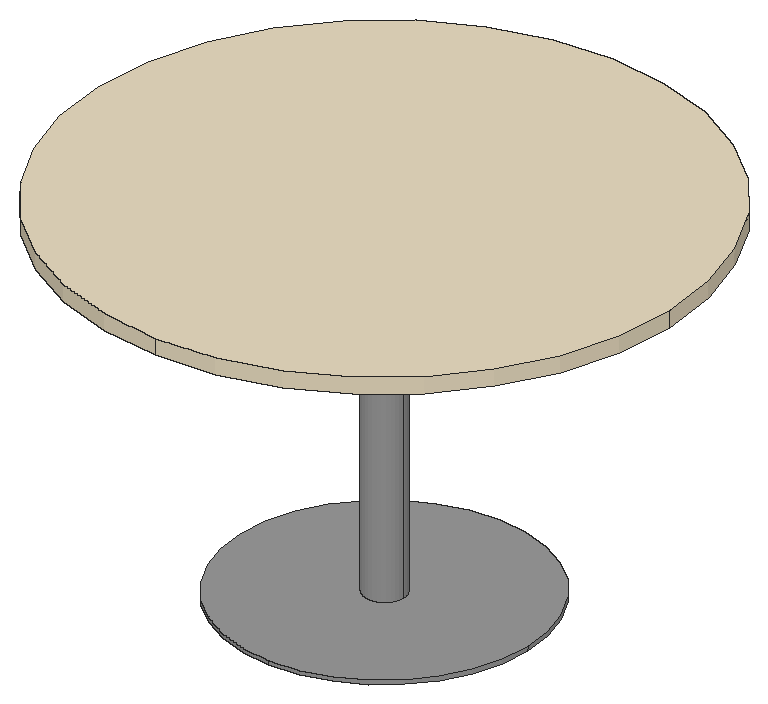
Revit family "FU_Table_Sandler_592-XT", category Furniture, Revit 2020
Family settings
  OmniClass Number = 23.40.20.00
  OmniClass Title = General Furniture and Specialties
  Work Plane-Based = No
  Always vertical = Yes
  Cut with Voids When Loaded = No
  Shared = No
  Room Calculation Point = No
Parameters (values of type "592 XT - 48" Round Top (120cm)")
  Width = 605 mm
  URL = "https://www.sandlerseating.com/product/art-592-xt/"
  Top Size = FU_TableTops_MT Rnd : 47" Round (120cm)
  Top Elevation = Height  # 720 mm
  Top Finish [instance] = Wood - Beech - Grey Stained
  Model = "592 XT"
  Manufacturer = "Sandler"
  Height = 720 mm
  Frame Finish [instance] = Metal - Steel - Polished
  Description = "Table base in stainless steel."
  Depth = Width  # 605 mm
  Default Elevation = 0 mm
Types (6, lengths in mm): name | Top Size | Frame Finish
  (no name) | FU_TableTops_MT Rnd : 47" Round (120cm) | Metal - Steel - Polished
  592 XT - 40" Square Top (100cm) | FU_TableTops_MT Sqr : 40" Square (100cm) | Metal - Steel - Polished
  592 XT - 44" Square Top (110cm) | FU_TableTops_MT Sqr : 44" Square (110cm) | Metal - Steel - Polished
  592 XT - 44" Round Top (110cm) | FU_TableTops_MT Rnd : 44" Round (110cm) | Metal - Steel - Matt-Satin
  592 XT - 51" Round Top (130cm) | FU_TableTops_MT Rnd : 51" Round (130cm) | Metal - Steel - Polished
  592 XT - 48" Round Top (120cm) | FU_TableTops_MT Rnd : 47" Round (120cm) | Metal - Steel - Polished
Reference planes
  plane 1 "Center (Front/Back)": y = 0
  plane 2: z = 0
  plane 3 "Center (Left/Right)": x = 0
  plane 4 "Right": x = -302.5
  plane 5 "Left": x = 302.5
  plane 6 "Back": y = 302.5
  plane 7 "Front": y = -302.5
  plane 8 "Height": z = 720
  plane 9 "Top Support": z = 700
  plane 10 "Glide Height": z = 6
  plane 11 "Base height": z = 14
  plane 12 "R Pad C": x = -286.5
  plane 13 "B Pad C": y = 286.5
  plane 14 "L Pad C": x = 286.5
  plane 15 "F Pad C": y = -286.5
Forms (mm)
  Extrusion 1, solid, material "Metal - Steel - Polished" <- "Frame Finish"
    sketch origin (0, 0, 6) x (-1, 0, 0) y (0, -1, 0)
      loop
        arc (302.5, 0) -> (213.9, 213.9) -> (0, 302.5) r 302.5
        arc (0, 302.5) -> (-213.9, 213.9) -> (-302.5, 0) r 302.5
        arc (-302.5, 0) -> (-213.9, -213.9) -> (0, -302.5) r 302.5
        arc (0, -302.5) -> (213.9, -213.9) -> (302.5, 0) r 302.5
    from 0 to 8
  Revolve 2, solid, material "Rubber, Black"
    sketch origin (0, 0, 0) x (1, 0, 0) y (0, 0, 1)
      loop
        line (-286.5, 0) -> (-286.5, 6) -> (-294.5, 6) -> (-294.5, 2)
        arc (-294.5, 2) -> (-293.914, 0.586) -> (-292.5, 0) r 2
        line (-292.5, 0) -> (-286.5, 0)
      axis (-286.5, 6) -> (-286.5, 0)
    angle from 0 to 360
  Revolve 3, solid, material "Rubber, Black"
    sketch origin (0, 0, 0) x (-1, 0, 0) y (0, 0, 1)
      loop
        line (-286.5, 0) -> (-286.5, 6) -> (-294.5, 6) -> (-294.5, 2)
        arc (-294.5, 2) -> (-293.914, 0.586) -> (-292.5, 0) r 2
        line (-292.5, 0) -> (-286.5, 0)
      axis (-286.5, 6) -> (-286.5, 0)
    angle from 0 to 360
  Revolve 4, solid, material "Rubber, Black"
    sketch origin (0, 0, 0) x (0, 1, 0) y (0, 0, 1)
      loop
        line (-286.5, 6) -> (-294.5, 6) -> (-294.5, 2)
        arc (-294.5, 2) -> (-293.914, 0.586) -> (-292.5, 0) r 2
        line (-292.5, 0) -> (-286.5, 0) -> (-286.5, 6)
      axis (-286.5, 6) -> (-286.5, 0)
    angle from 0 to 360
  Revolve 5, solid, material "Rubber, Black"
    sketch origin (0, 0, 0) x (0, -1, 0) y (0, 0, 1)
      loop
        line (-286.5, 6) -> (-294.5, 6) -> (-294.5, 2)
        arc (-294.5, 2) -> (-293.914, 0.586) -> (-292.5, 0) r 2
        line (-292.5, 0) -> (-286.5, 0) -> (-286.5, 6)
      axis (-286.5, 6) -> (-286.5, 0)
    angle from 0 to 360
  Extrusion 6, solid, material "Metal - Steel - Polished" <- "Frame Finish"
    sketch origin (0, 0, 6) x (-1, 0, 0) y (0, -1, 0)
      loop
        circle (0, 0) r 40
    from 0 to 694
Dimensions and locks
  equal spacing: plane 4 "Right", plane 3 "Center (Left/Right)", plane 5 "Left"
  "Width": plane 4 "Right" to plane 5 "Left"
  equal spacing: plane 6 "Back", plane 1 "Center (Front/Back)", plane 7 "Front"
  "Depth": plane 6 "Back" to plane 7 "Front"
  "Height": plane 8 "Height" to level
  locked: plane 8 "Height" to plane 9 "Top Support" at 20
  locked: plane 4 "Right" to plane 12 "R Pad C" at 16
  plane 14 "L Pad C" to plane 5 "Left" = 16 mm
  locked: plane 6 "Back" to plane 13 "B Pad C" at 16
  locked: plane 15 "F Pad C" to plane 7 "Front" at 16
  aligned and locked: level to plane 2
  aligned and locked: Extrusion 1 to plane 11 "Base height"
  aligned and locked: plane 11 "Base height" to Extrusion 1  (x3)
  aligned and locked: plane 8 "Height" to nested 1
  aligned and locked: Extrusion 6 to plane 10 "Glide Height"
  aligned and locked: plane 9 "Top Support" to Extrusion 6
Automatic sketch dimensions
  Extrusion 1 sketch curve to Extrusion 1 sketch curve = 0 mm  (x12)
  plane 1 "Center (Front/Back)" to Extrusion 1 sketch curve = 0 mm
  Extrusion 1 sketch curve to plane 5 "Left" = 0 mm
  Extrusion 1 sketch curve to plane 3 "Center (Left/Right)" = 0 mm  (x3)
  Revolve 2 sketch curve to plane 10 "Glide Height" = 0 mm
  Revolve 2 sketch curve to level = 0 mm
  plane 12 "R Pad C" to Revolve 2 sketch curve = 0 mm  (x2)
  Revolve 2 sketch curve to Revolve 2 sketch curve = 6 mm
  Revolve 2 sketch curve to Revolve 2 sketch curve = 2 mm
  Revolve 2 sketch curve to level = 10.049 mm
  Revolve 2 sketch curve to plane 11 "Base height" = 2.095 mm
  Revolve 3 sketch curve to plane 10 "Glide Height" = 0 mm
  Revolve 3 sketch curve to level = 0 mm
  Revolve 3 sketch curve to plane 14 "L Pad C" = 0 mm  (x2)
  Revolve 3 sketch curve to Revolve 3 sketch curve = 6 mm
  Revolve 3 sketch curve to Revolve 3 sketch curve = 2 mm
  level to Revolve 3 sketch curve = 10.049 mm
  plane 11 "Base height" to Revolve 3 sketch curve = 2.095 mm
  Revolve 4 sketch curve to plane 10 "Glide Height" = 0 mm
  Revolve 4 sketch curve to level = 0 mm
  Revolve 4 sketch curve to plane 15 "F Pad C" = 0 mm  (x2)
  level to Revolve 4 sketch curve = 2 mm
  plane 15 "F Pad C" to Revolve 4 sketch curve = 6 mm
  Revolve 4 sketch curve to level = 5.787 mm
  Revolve 4 sketch curve to plane 11 "Base height" = 1.201 mm
  Revolve 5 sketch curve to plane 10 "Glide Height" = 0 mm
  Revolve 5 sketch curve to level = 0 mm
  Revolve 5 sketch curve to plane 13 "B Pad C" = 0 mm  (x2)
  Revolve 5 sketch curve to level = 2 mm
  Revolve 5 sketch curve to plane 13 "B Pad C" = 6 mm
  Revolve 5 sketch curve to Revolve 5 sketch curve = 5.787 mm
  plane 11 "Base height" to Revolve 5 sketch curve = 1.201 mm
  plane 1 "Center (Front/Back)" to Extrusion 6 sketch curve = 0 mm
  Extrusion 6 sketch curve to plane 3 "Center (Left/Right)" = 0 mm
  radius of Extrusion 6 sketch curve = 40 mm
Nested families
  nested 1: "MT Top Support" at (0, 0, 0), Frame Finish <- "Frame Finish", type "MT Top Support"
    with Frame Finish Metal - Steel - Polished
  nested 2: "FU_TableTops_MT Rnd" at (0, 0, 0), type <- "Top Size", Top Elevation <- "Top Elevation", type "47" Round (120cm)"
    with Top Finish Wood - Beech - Honey Stained, Top Elevation 720 mm
Definition of nested family "MT Top Support"
  Parameters (values of type "MT Top Support")
    Frame Finish [instance] = none
    Default Elevation = 0 mm
  Reference planes
    plane 1 "Center (Front/Back)": y = 0
    plane 2: z = 0
    plane 3 "Center (Left/Right)": x = 0
    plane 4 "Right": x = -210
    plane 5 "Left": x = 210
    plane 6 "Back": y = 210
    plane 7 "Front": y = -210
    plane 8 "Height": z = 720
    plane 9: z = 700
  Forms (mm)
    Extrusion 1, solid, material <- "Frame Finish"
      sketch origin (0, 0, 700) x (-1, 0, 0) y (0, -1, 0)
        loop
          line (48, 44.024) -> (119.736, 115.76)
          arc (119.736, 115.76) -> (116.918, 118.6) -> (114.032, 121.37) r 166.741
          line (114.032, 121.37) -> (40.38, 47.718) -> (-40.38, 47.718) -> (-114.032, 121.37)
          arc (-114.032, 121.37) -> (-116.918, 118.6) -> (-119.736, 115.76) r 166.741
          line (-119.736, 115.76) -> (-48, 44.024) -> (-48, -44.024) -> (-120.014, -116.038)
          arc (-120.014, -116.038) -> (-117.202, -118.884) -> (-114.323, -121.661) r 166.741
          line (-114.323, -121.661) -> (-40.944, -48.282) -> (40.944, -48.282) -> (114.323, -121.661)
          arc (114.323, -121.661) -> (117.202, -118.884) -> (120.014, -116.038) r 166.741
          line (120.014, -116.038) -> (48, -44.024) -> (48, 44.024)
      from 0 to 15
    Extrusion 2, solid, material <- "Frame Finish"
      sketch origin (0, 0, 720) x (-1, 0, 0) y (0, -1, 0)
        loop
          arc (48, 9.198) -> (50.194, 20.46) -> (56.455, 30.074) r 30
          line (56.455, 30.074) -> (155.027, 131.809)
          arc (155.027, 131.809) -> (157.282, 137.439) -> (154.939, 143.033) r 8
          line (154.939, 143.033) -> (142.122, 155.85)
          arc (142.122, 155.85) -> (136.465, 158.193) -> (130.808, 155.85) r 8
          line (130.808, 155.85) -> (32.027, 57.069)
          arc (32.027, 57.069) -> (22.294, 50.566) -> (10.814, 48.282) r 30
          line (10.814, 48.282) -> (-10.814, 48.282)
          arc (-10.814, 48.282) -> (-22.294, 50.566) -> (-32.027, 57.069) r 30
          line (-32.027, 57.069) -> (-130.808, 155.85)
          arc (-130.808, 155.85) -> (-136.465, 158.193) -> (-142.122, 155.85) r 8
          line (-142.122, 155.85) -> (-154.939, 143.033)
          arc (-154.939, 143.033) -> (-157.282, 137.439) -> (-155.027, 131.809) r 8
          line (-155.027, 131.809) -> (-56.455, 30.074)
          arc (-56.455, 30.074) -> (-50.194, 20.46) -> (-48, 9.198) r 30
          line (-48, 9.198) -> (-48, -9.198)
          arc (-48, -9.198) -> (-50.194, -20.46) -> (-56.455, -30.074) r 30
          line (-56.455, -30.074) -> (-155.027, -131.809)
          arc (-155.027, -131.809) -> (-157.282, -137.439) -> (-154.939, -143.033) r 8
          line (-154.939, -143.033) -> (-142.122, -155.85)
          arc (-142.122, -155.85) -> (-136.465, -158.193) -> (-130.808, -155.85) r 8
          line (-130.808, -155.85) -> (-32.027, -57.069)
          arc (-32.027, -57.069) -> (-22.294, -50.566) -> (-10.814, -48.282) r 30
          line (-10.814, -48.282) -> (10.814, -48.282)
          arc (10.814, -48.282) -> (22.294, -50.566) -> (32.027, -57.069) r 30
          line (32.027, -57.069) -> (130.808, -155.85)
          arc (130.808, -155.85) -> (136.465, -158.193) -> (142.122, -155.85) r 8
          line (142.122, -155.85) -> (154.939, -143.033)
          arc (154.939, -143.033) -> (157.282, -137.439) -> (155.027, -131.809) r 8
          line (155.027, -131.809) -> (56.455, -30.074)
          arc (56.455, -30.074) -> (50.194, -20.46) -> (48, -9.198) r 30
          line (48, -9.198) -> (48, 9.198)
        loop
          line (-134.399, -141.055) -> (-124.502, -131.158)
          arc (-124.502, -131.158) -> (-124.502, -125.502) -> (-130.158, -125.502) r 3.999
          line (-130.158, -125.502) -> (-140.055, -135.399)
          arc (-140.055, -135.399) -> (-140, -141.001) -> (-134.399, -141.055) r 4
        loop
          arc (134.399, -141.055) -> (140, -141.001) -> (140.055, -135.399) r 4
          line (140.055, -135.399) -> (130.158, -125.502)
          arc (130.158, -125.502) -> (124.502, -125.502) -> (124.502, -131.158) r 3.999
          line (124.502, -131.158) -> (134.399, -141.055)
        loop
          arc (-134.399, 141.055) -> (-140, 141.001) -> (-140.055, 135.399) r 4
          line (-140.055, 135.399) -> (-130.158, 125.502)
          arc (-130.158, 125.502) -> (-124.502, 125.502) -> (-124.502, 131.158) r 3.999
          line (-124.502, 131.158) -> (-134.399, 141.055)
        loop
          line (134.399, 141.055) -> (124.502, 131.158)
          arc (124.502, 131.158) -> (124.502, 125.502) -> (130.158, 125.502) r 3.999
          line (130.158, 125.502) -> (140.055, 135.399)
          arc (140.055, 135.399) -> (140, 141.001) -> (134.399, 141.055) r 4
        loop
          circle (0, 0) r 7.5
      from -10 to 0
  Dimensions and locks
    equal spacing: plane 4 "Right", plane 3 "Center (Left/Right)", plane 5 "Left"
    plane 4 "Right" to plane 5 "Left" = 420 mm
    equal spacing: plane 6 "Back", plane 1 "Center (Front/Back)", plane 7 "Front"
    plane 6 "Back" to plane 7 "Front" = 420 mm
    plane 8 "Height" to level = 720 mm
    locked: plane 8 "Height" to plane 9 at 20
    aligned and locked: level to plane 2
  Automatic sketch dimensions
    plane 1 "Center (Front/Back)" to Extrusion 2 sketch curve = 0 mm
    Extrusion 2 sketch curve to plane 3 "Center (Left/Right)" = 0 mm
    plane 3 "Center (Left/Right)" to Extrusion 2 sketch curve = 10.814 mm  (x2)
    Extrusion 2 sketch curve to Extrusion 2 sketch curve = 21.213 mm  (x4)
    plane 1 "Center (Front/Back)" to Extrusion 2 sketch curve = 9.198 mm  (x2)
    plane 3 "Center (Left/Right)" to Extrusion 2 sketch curve = 48 mm
    Extrusion 2 sketch curve to plane 1 "Center (Front/Back)" = 30.074 mm  (x2)
    Extrusion 2 sketch curve to Extrusion 2 sketch curve = 8.455 mm  (x4)
    plane 1 "Center (Front/Back)" to Extrusion 2 sketch curve = 30.074 mm  (x2)
    Extrusion 2 sketch curve to plane 1 "Center (Front/Back)" = 9.198 mm  (x2)
    plane 5 "Left" to Extrusion 2 sketch curve = 85.498 mm  (x2)
    Extrusion 2 sketch curve to Extrusion 2 sketch curve = 2.828 mm  (x12)
    Extrusion 2 sketch curve to Extrusion 2 sketch curve = 6.306 mm  (x4)
    Extrusion 2 sketch curve to Extrusion 2 sketch curve = 9.897 mm  (x8)
    Extrusion 2 sketch curve to Extrusion 2 sketch curve = 5.657 mm  (x16)
    Extrusion 2 sketch curve to Extrusion 2 sketch curve = 2.773 mm  (x8)
    Extrusion 2 sketch curve to Extrusion 2 sketch curve = 2.883 mm  (x4)
    Extrusion 2 sketch curve to Extrusion 2 sketch curve = 9.227 mm  (x4)
    Extrusion 2 sketch curve to Extrusion 2 sketch curve = 5.745 mm  (x4)
    Extrusion 2 sketch curve to plane 3 "Center (Left/Right)" = 10.814 mm  (x2)
    Extrusion 2 sketch curve to plane 3 "Center (Left/Right)" = 48 mm
    Extrusion 2 sketch curve to plane 1 "Center (Front/Back)" = 48.282 mm
    Extrusion 2 sketch curve to Extrusion 2 sketch curve = 8.787 mm  (x4)
    Extrusion 2 sketch curve to plane 6 "Back" = 84.498 mm  (x2)
    Extrusion 2 sketch curve to Extrusion 2 sketch curve = 6.307 mm  (x4)
    Extrusion 2 sketch curve to Extrusion 2 sketch curve = 5.567 mm  (x4)
    Extrusion 2 sketch curve to Extrusion 2 sketch curve = 9.138 mm  (x4)
    plane 1 "Center (Front/Back)" to Extrusion 2 sketch curve = 48.282 mm
    plane 7 "Front" to Extrusion 2 sketch curve = 84.498 mm  (x2)
    Extrusion 1 sketch curve to Extrusion 1 sketch curve = 0 mm  (x12)
    Extrusion 1 sketch curve to plane 3 "Center (Left/Right)" = 0 mm
    plane 3 "Center (Left/Right)" to Extrusion 1 sketch curve = 40.38 mm
    plane 3 "Center (Left/Right)" to Extrusion 1 sketch curve = 40.944 mm
    Extrusion 1 sketch curve to Extrusion 1 sketch curve = 7.056 mm  (x2)
    plane 5 "Left" to Extrusion 1 sketch curve = 95.968 mm
    plane 5 "Left" to Extrusion 1 sketch curve = 95.677 mm
    Extrusion 1 sketch curve to Extrusion 1 sketch curve = 5.704 mm  (x2)
    Extrusion 1 sketch curve to Extrusion 1 sketch curve = 5.691 mm  (x2)
    Extrusion 1 sketch curve to plane 3 "Center (Left/Right)" = 40.38 mm
    Extrusion 1 sketch curve to plane 3 "Center (Left/Right)" = 40.944 mm
    Extrusion 1 sketch curve to plane 6 "Back" = 88.339 mm  (x2)
    Extrusion 1 sketch curve to Extrusion 1 sketch curve = 5.623 mm
    Extrusion 1 sketch curve to plane 1 "Center (Front/Back)" = 48.282 mm
    Extrusion 1 sketch curve to Extrusion 1 sketch curve = 4.258 mm  (x2)
    plane 1 "Center (Front/Back)" to Extrusion 1 sketch curve = 44.024 mm  (x2)
    Extrusion 1 sketch curve to Extrusion 1 sketch curve = 3.693 mm
    plane 7 "Front" to Extrusion 1 sketch curve = 94.24 mm  (x2)
    Extrusion 1 sketch curve to plane 4 "Right" = 95.968 mm
    Extrusion 1 sketch curve to plane 4 "Right" = 95.677 mm
    Extrusion 2 sketch curve to plane 4 "Right" = 85.498 mm  (x2)
    radius of Extrusion 2 sketch curve = 7.5 mm
Definition of nested family "FU_TableTops_MT Rnd"
  Parameters (values of type "59" Round (150cm)")
    Width = 1500 mm
    Top Finish [instance] = none
    Top Elevation [instance] = 1100 mm
    Depth = Width  # 1500 mm
    Default Elevation = 0 mm
  Types (10, lengths in mm): name | Width | Depth
    24" Round (60cm) | 600 | 600
    28" Round (70cm) | 700 | 700
    32" Round (80cm) | 800 | 800
    36" Round (90cm) | 900 | 900
    40" Round (100cm) | 1000 | 1000
    44" Round (110cm) | 1100 | 1100
    47" Round (120cm) | 1200 | 1200
    51" Round (130cm) | 1300 | 1300
    55" Round (140cm) | 1400 | 1400
    59" Round (150cm) | 1500 | 1500
  Reference planes
    plane 1 "Center (Front/Back)": y = 0
    plane 2: z = 0
    plane 3 "Center (Left/Right)": x = 0
    plane 4 "Right": x = -750
    plane 5 "Left": x = 750
    plane 6 "Back": y = 750
    plane 7 "Front": y = -750
    plane 8 "Elevation": z = 1100
    plane 9 "Top Height": z = 1131.75
  Forms (mm)
    Extrusion 1, solid, material <- "Top Finish"
      sketch origin (0, 0, 1100) x (-1, 0, 0) y (0, -1, 0)
        loop
          arc (0, -750) -> (530.33, -530.33) -> (750, 0) r 750
          arc (750, 0) -> (530.33, 530.33) -> (0, 750) r 750
          arc (0, 750) -> (-530.33, 530.33) -> (-750, 0) r 750
          arc (-750, 0) -> (-530.33, -530.33) -> (0, -750) r 750
      from 0 to 31.75
  Dimensions and locks
    equal spacing: plane 4 "Right", plane 3 "Center (Left/Right)", plane 5 "Left"
    "Width": plane 4 "Right" to plane 5 "Left"
    equal spacing: plane 6 "Back", plane 1 "Center (Front/Back)", plane 7 "Front"
    "Depth": plane 6 "Back" to plane 7 "Front"
    "Top Elevation": plane 8 "Elevation" to level
    locked: plane 9 "Top Height" to plane 8 "Elevation" at 31.75
    aligned and locked: level to plane 2
    aligned and locked: plane 9 "Top Height" to Extrusion 1
  Automatic sketch dimensions
    Extrusion 1 sketch curve to Extrusion 1 sketch curve = 0 mm  (x7)
    plane 1 "Center (Front/Back)" to Extrusion 1 sketch curve = 0 mm  (x2)
    Extrusion 1 sketch curve to plane 5 "Left" = 0 mm
    Extrusion 1 sketch curve to plane 3 "Center (Left/Right)" = 0 mm  (x3)
    Extrusion 1 sketch curve to plane 6 "Back" = 0 mm
